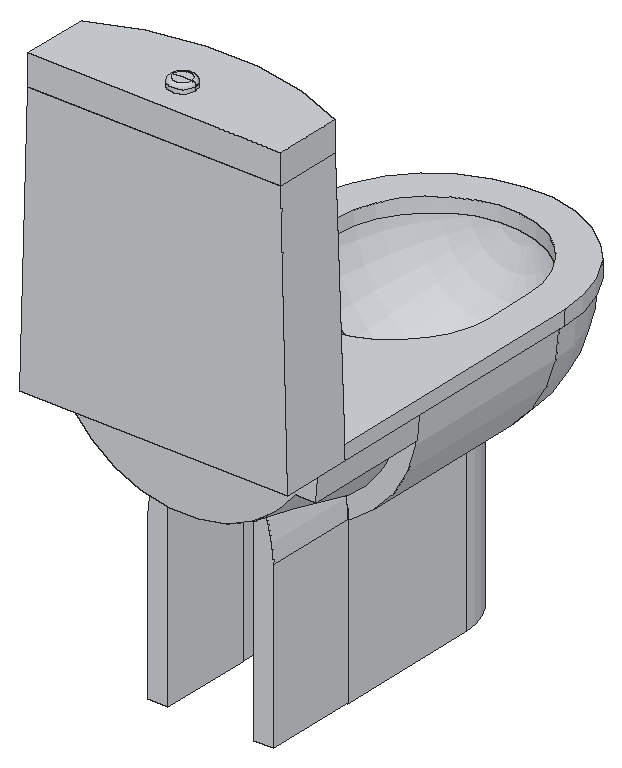
Revit family
Parameters (values of type "640 x 360mm")
  Material = none
  Button Material = none
  Assembly Code = "D2010110"
Reference planes
  plane 1: y = 0
  plane 2 "Center (Left/Right)": x = 125
  plane 3 "Back": y = 75
Text (mm)
  text "Placement side" at (-1787.139, 592.35, 0), in view "Ref. Level"
  text "Placement side" at (0, 1827.695, 2917.686), in view "Left"
  text "Placement side" at (0, 562.268, 3853.606), in view "Right"
Dimensions and locks
  locked: plane 3 "Back" to host wall at 0
  aligned and locked: host wall to plane 1
  aligned and locked: plane 3 "Back" to nested 1
Nested families
  nested 1: "WC seat_2 with cistern" at (125, 75, 0), type "550 x 360mm"
Definition of nested family "WC seat_2 with cistern"
  Parameters (values of type "550 x 360mm")
    Material = none
    Manufacturer = "Revit"
    Button Material = none
    Assembly Code = "D2010110"
  Reference planes
    plane 1 "Center (Front/Back)": y = 0
    plane 2: z = 0
    plane 3 "Center (Left/Right)": x = 0
    plane 4: x = -17.5
  Forms (mm)
    Extrusion 1, solid, material <- "Material"
      sketch origin (0, -95, 400) x (1, 0, 0) y (0, 1, 0)
        loop
          line (-179.9, 0) -> (-179.9, -370.216)
          arc (-179.9, -370.216) -> (0.005, -550.122) -> (179.91, -370.216) r 179.905
          line (179.91, -370.216) -> (179.91, 0) -> (-179.9, 0)
        loop
          line (-130, -308.309) -> (-130, -372.093)
          arc (-130, -372.093) -> (0, -502.093) -> (130, -372.093) r 130
          line (130, -372.093) -> (130, -308.309)
          arc (130, -308.309) -> (0, -178.309) -> (-130, -308.309) r 130
      from -20 to 0
    Blend 2, solid, material <- "Material"
      base sketch origin (0, -124.9, 380) x (0, 0, -1) y (-1, 0, 0)
        loop
          arc (0, -180) -> (15.761, -179.209) -> (31.405, -177.138) r 193.77
          line (31.405, -177.138) -> (31.405, -150.665)
          arc (31.405, -150.665) -> (153.903, 0) -> (31.405, 150.665) r 153.903
          line (31.405, 150.665) -> (31.405, 177.138)
          arc (31.405, 177.138) -> (15.761, 179.209) -> (0, 180) r 193.77
          line (0, 180) -> (0, -180)
      top sketch origin (0, -124.9, 380) x (0, 0, -1) y (-1, 0, 0)
        loop
          line (0, 180) -> (0, -180)
          arc (0, -180) -> (15.761, -179.209) -> (31.405, -177.138) r 193.77
          line (31.405, -177.138) -> (31.405, -150.665)
          arc (31.405, -150.665) -> (107.291, 0) -> (31.405, 150.665) r 187.508
          line (31.405, 150.665) -> (31.405, 177.138)
          arc (31.405, 177.138) -> (15.761, 179.209) -> (0, 180) r 193.77
      from -95 to 74.9
    Revolve 3, solid, material <- "Material"
      sketch origin (-135.875, -95, 380) x (0, -1, 0) y (1, 0, 0)
        loop
          line (124.9, -18.028) -> (124.9, -44.025) -> (359.287, -44.025)
          arc (359.287, -44.025) -> (490.375, 8.047) -> (550, 135.875) r 191.038
          line (550, 135.875) -> (523.953, 135.875)
          arc (523.953, 135.875) -> (472.275, 26.71) -> (360.086, -18.028) r 165.042
          line (360.086, -18.028) -> (124.9, -18.028)
        axis (550, 135.875) -> (124.9, 135.875)
      angle from 0 to 180
    Sweep 4, solid, material <- "Material"
      path origin (0, -95, 0) x (1, 0, 0) y (0, 1, 0)
        loop
          line (-84.416, -124.9) -> (-84.416, -324.944)
          arc (-84.416, -324.944) -> (-0.099, -409.36) -> (84.415, -325.143) r 84.416
          line (84.415, -325.143) -> (84.415, -124.9)
      profile origin (0, -319.922, 0) x (1, 0, 0) y (0, 0, 1)
        loop
          line (-84.416, 0) -> (-58.435, 0) -> (-58.435, 219.393) -> (-84.416, 234.393) -> (-84.416, 0)
    Sweep 5, solid, material <- "Material"
      path origin (0, -95, 0) x (1, 0, 0) y (0, 1, 0)
        loop
          line (-58.435, -124.9) -> (-58.435, 0)
      profile origin (0, -157.45, 0) x (-1, 0, 0) y (0, 0, 1)
        loop
          line (84.416, 0.709) -> (84.416, 221.135)
          arc (84.416, 221.135) -> (79.629, 258.271) -> (67.208, 293.595) r 178.675
          line (67.208, 293.595) -> (57.208, 293.595) -> (57.208, 0.709) -> (84.416, 0.709)
    Sweep 6, solid, material <- "Material"
      path origin (0, -95, 0) x (-1, 0, 0) y (0, -1, 0)
        loop
          line (-58.435, 124.9) -> (-58.435, 0)
      profile origin (0, -157.45, 0) x (1, 0, 0) y (0, 0, 1)
        loop
          line (84.416, 0.709) -> (84.416, 221.135)
          arc (84.416, 221.135) -> (79.629, 258.271) -> (67.208, 293.595) r 178.675
          line (67.208, 293.595) -> (57.208, 293.595) -> (57.208, 0.709) -> (84.416, 0.709)
    Blend 7, solid, material <- "Material"
      base sketch origin (0, 0, 0) x (1, 0, 0) y (0, 1, 0)
        loop
          arc (-180, -95) -> (0, -140) -> (180, -95) r 382.5
          line (180, -95) -> (180, 0) -> (-180, 0) -> (-180, -95)
      top sketch origin (0, 0, 0) x (1, 0, 0) y (0, 1, 0)
        loop
          line (-170, 0) -> (-170, -90.146)
          arc (-170, -90.146) -> (0, -130) -> (170, -90.146) r 382.5
          line (170, -90.146) -> (170, 0) -> (-170, 0)
      from 380 to 750
    Extrusion 8, solid, material <- "Material"
      sketch origin (0, 0, 750) x (1, 0, 0) y (0, 1, 0)
        loop
          line (-170, 0) -> (-170, -90.146)
          arc (-170, -90.146) -> (0, -130) -> (170, -90.146) r 382.5
          line (170, -90.146) -> (170, 0) -> (-170, 0)
      from 0 to 40
    Revolve 9, solid, material <- "Button Material", detail levels medium+fine
      sketch origin (0, -47.5, 0) x (1, 0, 0) y (0, 0, 1)
        loop
          line (0, 790) -> (0, 800) -> (-12.5, 800)
          arc (-12.5, 800) -> (-16.036, 798.536) -> (-17.5, 795) r 5
          line (-17.5, 795) -> (-17.5, 790) -> (0, 790)
        axis (0, 800) -> (0, 790)
      angle from 0 to 360
  Lines and regions (mm)
    symbolic lines
      curve 1: line (-180, -480, 0) -> (-180, -95, 0)
      curve 2: arc (-180, -95, 0) -> (0, -140, 0) -> (180, -95, 0) r 382.5
      curve 3: line (180, -95, 0) -> (180, -480, 0)
      curve 4: arc (180, -480, 0) -> (0, -645, 0) -> (-180, -480, 0) r 180.682
      curve 9: arc (130, -405, 0) -> (0, -275, 0) -> (-130, -405, 0) r 130
      curve 10: line (-130, -405, 0) -> (-130, -495, 0)
      curve 11: arc (-130, -495, 0) -> (0, -605, 0) -> (130, -495, 0) r 131.818
      curve 12: line (130, -495, 0) -> (130, -405, 0)
      curve 13: line (-40, -375, 0) -> (40, -375, 0)
      curve 14: line (40, -375, 0) -> (40, -425, 0)
      curve 15: arc (40, -425, 0) -> (0, -455, 0) -> (-40, -425, 0) r 41.667
      curve 16: line (-40, -425, 0) -> (-40, -375, 0)
      curve 17: line (-170, 0, 0) -> (-170, -90.146, 0)
      curve 18: arc (-170, -90.146, 0) -> (0, -130, 0) -> (170, -90.146, 0) r 382.5
      curve 19: line (170, -90.146, 0) -> (170, 0, 0)
      curve 22: line (-180, 0, 0) -> (0, 0, 0)
      curve 23: line (0, 0, 0) -> (180, 0, 0)
      curve 24: line (180, 0, 0) -> (180, -95, 0)
      curve 25: line (-180, -95, 0) -> (-180, 0, 0)
    symbolic lines, detail levels medium+fine
      curve 5: arc (-72.5, -225, 0) -> (-80, -217.5, 0) -> (-87.5, -225, 0) r 7.5
      curve 6: arc (-87.5, -225, 0) -> (-80, -232.5, 0) -> (-72.5, -225, 0) r 7.5
      curve 7: arc (72.5, -225, 0) -> (80, -232.5, 0) -> (87.5, -225, 0) r 7.5
      curve 8: arc (87.5, -225, 0) -> (80, -217.5, 0) -> (72.5, -225, 0) r 7.5
      curve 20: arc (-17.5, -50, 0) -> (0, -67.5, 0) -> (17.5, -50, 0) r 17.5
      curve 21: arc (17.5, -50, 0) -> (0, -32.5, 0) -> (-17.5, -50, 0) r 17.5
    model lines
      curve 26: arc (-179.9, -95, 400) -> (0.05, -140, 400) -> (180, -95, 400) r 382.301
  Dimensions and locks
    aligned: curve 26 to Extrusion 1
